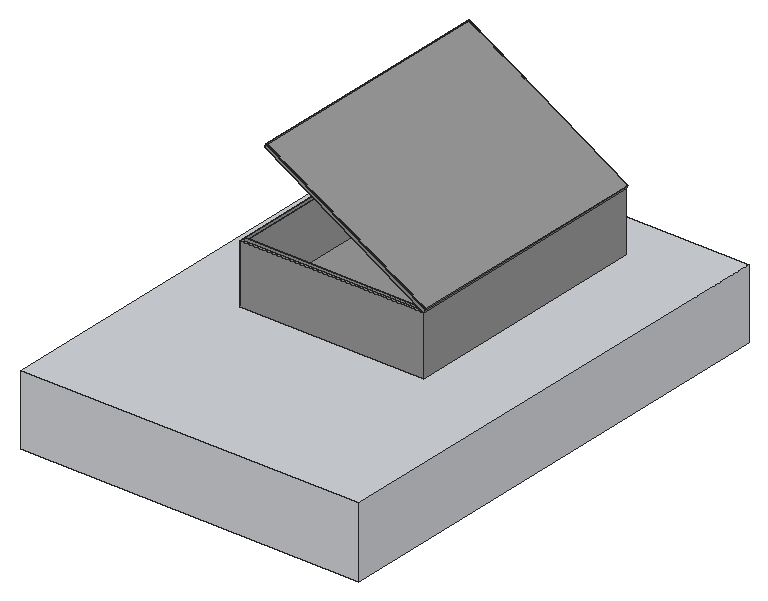
Revit family "Hager-Univers-IP55-D275-H1100-Cl.I-Steel_encl-CH-de", category Equipement électrique, Revit 2020
Family settings
  Hôte = Face
  Configuration du panneau = Deux colonnes, circuits au sein
  Cote de connecteur circulaire = Utiliser le diamètre
  Type d'élément = Tableau de raccordement
  Couper avec des vides une fois chargée = Non
  Partagée = Non
  Point de calcul de pièce = Non
Parameters (values of type "Aufputz IP55 B800 H1100 T275  - FR73E")
  Width Control [instance] = if([EF000008 - Breite] > Min Width, [EF000008 - Breite], Min Width)  # 800 mm
  Commentaires du type = [HG000003 - Bereich]  # "Univers"
  Thickness Door [instance] = if([EF009171 - Materialstärke Tür/Deckel] > 3 mm, 3 mm, [EF009171 - Materialstärke Tür/Deckel])  # 1.5 mm
  Seal Frame Offset [instance] = 17 mm  # constant formula
  Plinth Visibility [instance] = [HG000027 - Sockelhöhe] > 0 mm  # no
  Model = ""
  Min Width [instance] = 100 mm  # constant formula
  Min Height [instance] = 100 mm  # constant formula
  Min Depth [instance] = (2 * [EF009170 - Materialstärke Gehäuse]) + 1 mm  # 4 mm
  Internal Frame Depth [instance] = (Door System Depth * 0.5)  # 9 mm
  Height Control [instance] = if([EF000040 - Höhe] > Min Height, [EF000040 - Höhe], Min Height)  # 1100 mm
  HG000027 - Sockelhöhe = 0 mm
  HG000026 - Stehend auf dem Boden = no
  HG000024 - Höhe des unteren Teils = 800 mm
  HG000023 - Gehäuse mit doppeltem Querschnitt = no
  HG000016 - 3D-Türsichtbarkeit [instance] = yes
  HG000015 - Sichtbarkeit der Türöffnung [instance] = no
  HG000014 - Tür rechts [instance] = yes
  HG000013 - Tür links [instance] = not([HG000014 - Tür rechts])  # no
  HG000012 - Türschwenkwinkel [instance] = 30.00°
  HG000010 - Asymmetrische Türen = no
  HG000009 - Doppelflügeligen Tür = no
  HG000006 - Unterputz = no
  HG000004 - Herstellerreferenz = "FR73E"
  HG000003 - Bereich = "Univers"
  HG000002 - Mit tür = yes
  Frame Offset Bottom [instance] = 10 mm  # constant formula
  Frame Offset [instance] = 15 mm  # constant formula
  EF015940 - Deckel mit Überdruckentlastung = no
  EF011959 - Schutzart (NEMA) = ""
  EF009554 - Anzahl der Öffnungen für Flanschplatten = 6
  Fabricant = "Hager"  # constant formula
  EF009212 - Ausführung Deckel = "EV000116 - geschlossen"
  EF009171 - Materialstärke Tür/Deckel = 1.5 mm
  EF009170 - Materialstärke Gehäuse = 1.5 mm
  EF008873 - Nennstrom (In) = 800 A
  EF007800 - Geeignet für Blitzschutz = no
  EF006306 - Mit Schloss = no
  EF006244 - Transparenter Deckel/Tür = no
  EF005474 - Schutzart (IP) = "EV006420 - IP55"
  EF004464 - Art der Tür = "EV002646 - Einzel"
  EF004427 - Anzahl der Module = 252
  EF004293 - Schlagfestigkeit = "EV008784 - IK10"
  EF003532 - Geeignet für Außengebrauch = no
  EF002950 - Breite in Teilungseinheiten = 24
  EF001613 - Funktionserhalt = "EV000494 - ohne"
  EF001596 - Werkstoff des Gehäuses = "EV000179 - Stahl"
  EF001131 - Innentiefe = 275 mm
  EF001088 - Anbaumöglichkeit = yes
  EF000437 - Anzahl der Leitungseinführungen = 6
  EF000339 - Art der Abdeckung = "EV004216 - Tür"
  EF000266 - Anzahl der Reihen = 7
  EF000218 - Einbautiefe = 0 mm
  EF000118 - Mit Montageplatte = no
  EF000116 - RAL-Nummer = "7035"
  EF000049 - Tiefe = 275 mm
  EF000040 - Höhe = 1100 mm
  EF000008 - Breite = 800 mm
  EF000007 - Farbe = "EV000270 - grau"
  EF000003 - Montageart = "EV000384 - Aufputz"
  Door System Leaf Tolerance [instance] = 1.5 mm  # constant formula
  Door System Depth [instance] = 18 mm  # constant formula
  Door Height [instance] = Height Control - [HG000027 - Sockelhöhe]  # 1100 mm
  Depth Control [instance] = if([EF000049 - Tiefe] > Min Depth, [EF000049 - Tiefe], Min Depth)  # 275 mm
  Default Elevation = 0 mm
  Connector Offset [instance] = Height Control / 2  # 550 mm
  Bottom Top Plate Trim [instance] = 1.5 mm  # constant formula
  Plinth height Ctrl [instance] = if([HG000027 - Sockelhöhe] > 0 mm, [HG000027 - Sockelhöhe], 12 mm)  # 12 mm
Types (5, lengths in mm): name | Width Control | HG000010 - Asymmetrische Türen | HG000009 - Doppelflügeligen Tür | HG000004 - Herstellerreferenz | EF009554 - Anzahl der Öffnungen für Flanschplatten | EF004464 - Art der Tür | EF004427 - Anzahl der Module | EF000437 - Anzahl der Leitungseinführungen | EF000008 - Breite
  Aufputz IP55 B1050 H1100 T275  - FR74E | 1050 | no | yes | "FR74E" | 8 | "EV003602 - Doppel" | 336 | 8 | 1050
  Aufputz IP55 B1300 H1100 T275  - FR75E | 1300 | yes | yes | "FR75E" | 10 | "EV003602 - Doppel" | 420 | 10 | 1300
  Aufputz IP55 B300 H1100 T275  - FR71E | 300 | no | no | "FR71E" | 2 | "EV002646 - Einzel" | 84 | 2 | 300
  Aufputz IP55 B550 H1100 T275  - FR72E | 550 | no | no | "FR72E" | 4 | "EV002646 - Einzel" | 168 | 4 | 550
  Aufputz IP55 B800 H1100 T275  - FR73E | 800 | no | no | "FR73E" | 6 | "EV002646 - Einzel" | 252 | 6 | 800
Reference planes
  plane 1 "Center (Front/Back)": y = 0
  plane 2: z = 0
  plane 3 "Center (Left/Right)": x = 0
  plane 4: z = 275
  plane 5: y = 1.5
  plane 6: y = 550
  plane 7: y = 0
  plane 8: y = 1100
  plane 9: z = 0
  plane 10: x = -385
  plane 11: x = 385
  plane 12: x = 383.5
  plane 13: x = -383.5
  plane 14: y = 1098.5
  plane 15: x = -383
  plane 16: x = -400
  plane 17: x = 383
  plane 18: x = 400
  plane 19: x = 398.5
  plane 20: x = -398.5
  plane 21: y = 11.5
  plane 22: y = 1100
  plane 23: y = 1083.5
  plane 24: z = 257
  plane 25: z = 1.5
  plane 26: z = 255.5
  plane 27: z = 273.5
Forms (mm)
  Extrusion 1, solid
    sketch origin (0, 0, 0) x (1, 0, 0) y (0, 1, 0)
      loop
        line (-702.964, 1305) -> (-702.964, -811.445) -> (766.763, -811.445) -> (766.763, 1305) -> (-702.964, 1305)
    from 0 to -304.8
  Extrusion 2, solid, material "Hager_Steel_RAL7035_Light_Grey", visible <- "Plinth Visibility", detail levels medium+fine
    sketch origin (0, 0, 0) x (1, 0, 0) y (0, 1, 0)
      loop
        line (-400, 0) -> (400, 0) -> (400, 12) -> (-400, 12) -> (-400, 0)
    from 0 to 257
  Extrusion 3, solid, material "Hager_Steel_RAL7035_Light_Grey", detail levels medium+fine
    sketch origin (0, 0, 0) x (1, 0, 0) y (0, 1, 0)
      loop
        line (-400, 0) -> (400, 0) -> (400, 1100) -> (-400, 1100) -> (-400, 0)
    from 0 to 257
  Extrusion 4, void
    sketch origin (0, 0, 0) x (1, 0, 0) y (0, 1, 0)
      loop
        line (-398.5, 1.5) -> (398.5, 1.5) -> (398.5, 1098.5) -> (-398.5, 1098.5) -> (-398.5, 1.5)
    from 1.5 to 255.5
  Extrusion 5, void
    sketch origin (-381.607, -4572, 257) x (0, -1, 0) y (-1, 0, 0)
      loop
        line (-4583.5, 1.893) -> (-5655.5, 1.893) -> (-5655.5, -765.107) -> (-4583.5, -765.107) -> (-4583.5, 1.893)
    from 0 to 1.5 <- "EF009170 - Materialstärke Gehäuse"
  Extrusion 6, solid, material "Hager_Steel_RAL7035_Light_Grey", detail levels fine
    sketch origin (0, 0, 257) x (1, 0, 0) y (0, 1, 0)
      loop
        line (-383.5, 1083.5) -> (-383.5, 11.5) -> (383.5, 11.5) -> (383.5, 1083.5) -> (-383.5, 1083.5)
      loop
        line (-385, 10) -> (385, 10) -> (385, 1085) -> (-385, 1085) -> (-385, 10)
    from 0 to 9 <- "Internal Frame Depth"
  Extrusion 7, solid, material "Hager_Steel_RAL7035_Light_Grey", detail levels coarse
    sketch origin (0, 0, 0) x (1, 0, 0) y (0, 1, 0)
      loop
        line (-400, 0) -> (400, 0) -> (400, 1100) -> (-400, 1100) -> (-400, 0)
    from 0 to 275
  Sweep 8, void
    path in 3D
      loop
        line (-400, 12, 0) -> (400, 12, 0) -> (400, 12, 257) -> (-400, 12, 257) -> (-400, 12, 0)
    profile origin (-400, 12, 128.5) x (-1, 0, 0) y (0, -1, 0)
      loop
        line (0, 0) -> (0, 1.5) -> (-1.5, 1.5)
        arc (-1.5, 1.5) -> (-1.061, 0.439) -> (0, 0) r 1.5
Cuts and joins
  Extrusion 4, Extrusion 5 cuts Extrusion 3
  Sweep 8 cuts Extrusion 2
Lines and regions (mm)
  Masking region 1
    outline origin (0, 0, 0) x (1, 0, 0) y (0, 0, 1)
      loop
        line (-400, 275) -> (-400, 0) -> (400, 0) -> (400, 275) -> (-400, 275)
  Masking region 2, detail levels medium+fine
    outline origin (0, 140, 0) x (0, 1, 0) y (0, 0, 1)
      loop
        line (-140, 0) -> (960, 0) -> (960, 257) -> (-140, 257) -> (-140, 0)
  Masking region 3, not visible, detail levels medium+fine
    outline origin (0, 297.922, 0) x (0, 1, 0) y (0, 0, 1)
      loop
        line (263.578, 0) -> (303.578, 0) -> (303.578, 263.5)
        arc (303.578, 263.5) -> (300.649, 270.571) -> (293.578, 273.5) r 10
        line (293.578, 273.5) -> (263.578, 273.5) -> (263.578, 0)
  Masking region 4, detail levels coarse
    outline origin (0, 0, 180) x (0, 1, 0) y (0, 0, 1)
      loop
        line (0, -180) -> (1100, -180) -> (1100, 95) -> (0, 95) -> (0, -180)
  Masking region 5, visible <- "Plinth Visibility", detail levels medium+fine
    outline origin (0, 52.24, 12.345) x (0, 0, -1) y (0, 1, 0)
      loop
        line (10.845, -40.24) -> (-243.155, -40.24)
        arc (-243.155, -40.24) -> (-243.594, -41.301) -> (-244.655, -41.74) r 1.5
        line (-244.655, -41.74) -> (-244.655, -52.24) -> (12.345, -52.24) -> (12.345, -41.74)
        arc (12.345, -41.74) -> (11.285, -41.301) -> (10.845, -40.24) r 1.5
  Masking region 6, detail levels medium+fine
    outline origin (-381.607, -4572, 257) x (-1, 0, 0) y (0, -1, 0)
      loop
        line (18.393, -5672) -> (18.393, -4572) -> (-781.607, -4572) -> (-781.607, -5672) -> (18.393, -5672)
  Masking region 7, visible <- "Plinth Visibility", detail levels medium+fine
    outline origin (-381.607, -4727, 257) x (-1, 0, 0) y (0, -1, 0)
      loop
        arc (16.893, -4739) -> (17.332, -4737.939) -> (18.393, -4737.5) r 1.5
        line (18.393, -4737.5) -> (18.393, -4727) -> (-781.607, -4727) -> (-781.607, -4737.5)
        arc (-781.607, -4737.5) -> (-780.546, -4737.939) -> (-780.107, -4739) r 1.5
        line (-780.107, -4739) -> (16.893, -4739)
  Masking region 8, detail levels coarse
    outline origin (-442.548, -4669.526, 257) x (-1, 0, 0) y (0, -1, 0)
      loop
        line (-42.548, -5769.526) -> (-42.548, -4669.526) -> (-842.548, -4669.526) -> (-842.548, -5769.526) -> (-42.548, -5769.526)
  sketch lines
    curve 1: line (-400, 12, 257) -> (-400, 12, 0)
    curve 2: line (400, 12, 257) -> (-400, 12, 257)
    curve 3: line (400, 12, 257) -> (400, 12, 0)
    curve 4: line (-400, 12, 0) -> (400, 12, 0)
Dimensions and locks
  "Depth Control": plane 4 to Extrusion 1
  "HG000027 - Sockelhöhe": plane 1 "Center (Front/Back)" to plane 7
  "EF009170 - Materialstärke Gehäuse": plane 5 to plane 7
  locked: connector elem to plane 3 "Center (Left/Right)"
  equal spacing: plane 8, plane 6, plane 7
  locked: connector elem to plane 6
  "EF009170 - Materialstärke Gehäuse": plane 8 to plane 14
  "EF009170 - Materialstärke Gehäuse": plane 10 to plane 13
  "EF009170 - Materialstärke Gehäuse": plane 12 to plane 11
  "Frame Offset": plane 20 to plane 13
  "Frame Offset": plane 12 to plane 19
  "EF009170 - Materialstärke Gehäuse": plane 16 to plane 20
  "EF009170 - Materialstärke Gehäuse": plane 19 to plane 18
  "Seal Frame Offset": plane 16 to plane 15
  "Seal Frame Offset": plane 17 to plane 18
  "Frame Offset Bottom": plane 21 to plane 5
  "Frame Offset": plane 14 to plane 23
  equal spacing: plane 16, plane 3 "Center (Left/Right)", plane 18
  "Width Control": plane 16 to plane 18
  "EF009170 - Materialstärke Gehäuse": plane 4 to plane 27
  "EF009170 - Materialstärke Gehäuse": plane 24 to plane 26
  "EF009170 - Materialstärke Gehäuse": plane 25 to level
  "Door System Depth": plane 4 to plane 24
  "Height Control": plane 1 "Center (Front/Back)" to Extrusion 7 sketch curve
  "Height Control": Masking region 4 sketch curve to plane 1 "Center (Front/Back)"
  "Height Control": plane 1 "Center (Front/Back)" to plane 22
  "Bottom Top Plate Trim": profile plane to Sweep 8 sketch curve
  "Bottom Top Plate Trim": Sweep 8 sketch curve to profile plane
  "Plinth height Ctrl": plane 1 "Center (Front/Back)" to Extrusion 2 sketch curve
  "Plinth height Ctrl": Masking region 5 sketch curve to plane 1 "Center (Front/Back)"
  "Plinth height Ctrl": plane 1 "Center (Front/Back)" to Masking region 7 sketch curve
  "Thickness Door": Extrusion 6 sketch curve to Extrusion 6 sketch curve  (x3)
  "Thickness Door": cut or joined group of Extrusion 3, Extrusion 4, Extrusion 5 to Extrusion 6 sketch curve
  radius of Masking region 3 sketch curve = 10 mm
  "Bottom Top Plate Trim": radius of Masking region 5 sketch curve  (x2)
  "Bottom Top Plate Trim": radius of Sweep 8 sketch curve
  "Bottom Top Plate Trim": radius of Masking region 7 sketch curve  (x2)
  aligned and locked: plane 2 to Extrusion 1
  aligned and locked: level to Extrusion 1
  aligned and locked: level to Masking region 1 sketch curve
  aligned and locked: Masking region 1 sketch curve to plane 18
  aligned and locked: Masking region 1 sketch curve to plane 16
  aligned and locked: plane 7 to Masking region 2 sketch curve
  aligned and locked: level to Masking region 3 sketch curve
  aligned and locked: Masking region 3 sketch curve to plane 27
  aligned and locked: level to Masking region 2 sketch curve
  aligned and locked: plane 1 "Center (Front/Back)" to Extrusion 2 sketch curve
  aligned and locked: Extrusion 3 sketch curve to plane 7
  aligned and locked: plane 16 to Extrusion 3 sketch curve
  aligned and locked: plane 18 to Extrusion 3 sketch curve
  aligned and locked: plane 20 to Extrusion 4 sketch curve
  aligned and locked: plane 19 to Extrusion 4 sketch curve
  aligned and locked: Extrusion 4 sketch curve to plane 5
  aligned and locked: Extrusion 4 to plane 25
  aligned and locked: plane 26 to Extrusion 4
  aligned and locked: plane 24 to Extrusion 3
  aligned and locked: Extrusion 5 sketch curve to plane 21
  aligned and locked: Extrusion 5 sketch curve to plane 13
  aligned and locked: Extrusion 5 sketch curve to plane 12
  aligned and locked: plane 18 to Extrusion 7 sketch curve
  aligned and locked: plane 1 "Center (Front/Back)" to Extrusion 7 sketch curve
  aligned and locked: plane 16 to Extrusion 7 sketch curve
  aligned and locked: plane 4 to Extrusion 7
  aligned and locked: Extrusion 7 to level
  aligned and locked: level to Masking region 4 sketch curve
  aligned and locked: Masking region 4 sketch curve to plane 1 "Center (Front/Back)"
  aligned and locked: Masking region 4 sketch curve to plane 4
  aligned and locked: nested 1 to level
  aligned and locked: nested 1 to plane 16
  aligned and locked: plane 8 to Extrusion 3 sketch curve
  aligned and locked: plane 23 to Extrusion 5 sketch curve
  aligned and locked: plane 14 to Extrusion 4 sketch curve
  aligned and locked: Masking region 2 sketch curve to plane 8
  aligned and locked: level to Masking region 5 sketch curve
  aligned and locked: plane 16 to Extrusion 2 sketch curve
  aligned and locked: plane 18 to Extrusion 2 sketch curve
  aligned and locked: Masking region 5 sketch curve to plane 24
  aligned and locked: Masking region 2 sketch curve to plane 24
  aligned and locked: plane 24 to Extrusion 2
  aligned and locked: profile plane to Sweep 8 sketch curve  (x2)
  aligned and locked: Masking region 6 sketch curve to plane 18
  aligned and locked: Masking region 6 sketch curve to plane 22
  aligned and locked: Masking region 6 sketch curve to plane 16
  aligned and locked: plane 8 to plane 22
  aligned and locked: Masking region 6 sketch curve to plane 7
  aligned and locked: Masking region 7 sketch curve to plane 16
  aligned and locked: Masking region 7 sketch curve to plane 1 "Center (Front/Back)"
  aligned and locked: Masking region 7 sketch curve to plane 18
  aligned and locked: Masking region 8 sketch curve to plane 1 "Center (Front/Back)"
  aligned and locked: Masking region 8 sketch curve to plane 18
  aligned and locked: Masking region 8 sketch curve to plane 22
  aligned and locked: Masking region 8 sketch curve to plane 16
  aligned and locked: nested 2 to plane 7
  aligned and locked: plane 3 "Center (Left/Right)" to nested 2
  aligned and locked: nested 2 to plane 24
  aligned and locked: Extrusion 6 sketch curve to cut or joined group of Extrusion 3, Extrusion 4, Extrusion 5  (x4)
Automatic sketch dimensions
  Extrusion 1 sketch curve to Extrusion 1 sketch curve = 1469.727 mm
  Extrusion 1 sketch curve to Extrusion 1 sketch curve = 2116.445 mm
  Masking region 1 sketch curve to plane 4 = 0 mm
  plane 6 to Masking region 3 sketch curve = 11.5 mm
  Masking region 3 sketch curve to Masking region 3 sketch curve = 30 mm
  Masking region 5 sketch curve to plane 1 "Center (Front/Back)" = 0 mm
Nested families
  nested 1: "Hager_Enclosure_Symbol" at (-400, 0, 0) x (1, 0, 0) z (0, -1, 0), Height <- "Depth Control", Width <- "Width Control", type "Hager_Enclosure_Symbol"
    with Width_Ctrl 800 mm, Width 800 mm, Height_Ctrl 275 mm, Height 275 mm, A_Width_Int 18.047 mm, A_Width 216.562 mm, A_Height_Ctrl 240.625 mm, A_Height 240.625 mm
  nested 2: "EC000058_Univers_Door" at (0, 0, 257) x (1, 0, 0) z (0, 1, 0), Leaf_Tolerance <- "Door System Leaf Tolerance", Angle <- "HG000012 - Türschwenkwinkel", Door_Depth <- "Door System Depth", Door_Left <- "HG000013 - Tür links", Transparent <- "EF006244 - Transparenter Deckel/Tür", Assymetrical <- "HG000010 - Asymmetrische Türen", Width <- "Width Control", Clearance <- "HG000015 - Sichtbarkeit der Türöffnung", Double <- "HG000009 - Doppelflügeligen Tür", 3d_Door <- "HG000016 - 3D-Türsichtbarkeit", Lock_Visibility <- "EF006306 - Mit Schloss", Width_Ctrl <- "Width Control", Door_Right <- "HG000014 - Tür rechts", Door <- "HG000002 - Mit tür", Height <- "Door Height", Thickness <- "Thickness Door", type "EC000058_Univers_Door", detail levels medium+fine
    with min_wh 4 mm, Width_Ctrl 800 mm, Width 800 mm, Transparent no, Thickness 1.5 mm, Seal_Material Hager_Rubber, Lock_Visibility no, Lock_Material Hager_Plastic_RAL9005_Jet_Black, Leaf_Width 800 mm, Leaf_Tolerance_External_Sides 0 mm, Leaf_Tolerance 1.5 mm, Leaf_Offset 0 mm, Leaf_Height 1097 mm, Leaf_2_Width 800 mm, Leaf_2_Offset 400 mm, Leaf_1_Width 800 mm, Leaf_1_Offset 400 mm, Height_Ctrl 1100 mm, Height 1100 mm, Glass_Material Hager_Glass, Double_Clearance_Ctrl no, Double no, Door_Right_Ctrl yes, Door_Right yes, Door_Material Hager_Steel_RAL7035_Light_Grey, Door_Left_Ctrl no, Door_Left no, Door_Depth 18 mm, Door yes, Clearance_Material Hager_Clearance, Clearance_Depth 800 mm, Clearance_Ctrl no, Clearance no, Assymetrical no, Angle 30.00°, 3d_Door yes
Connectors
  electrical at (0, 550, 0)
    settings: on plane 9, index 1, voltage 0 V, apparent load 0 VA, apparent load phase1 0 VA, apparent load phase2 0 VA, apparent load phase3 0 VA, power factor 1, load classification "Other", number of poles 1, system type 30, power factor state 1, is connector primary yes, connector utility no, sub classification motor no, connector description ""
Definition of nested family "EC000058_Univers_Door"
  Parameters (values of type "EC000058_Univers_Door")
    min_wh [instance] = (2 * Thickness) + 1 mm  # 11 mm
    Width_Ctrl [instance] = 400 mm
    Width [instance] = 500 mm
    Transparent [instance] = yes
    Thickness [instance] = 5 mm
    Seal_Material [instance] = none
    Lock_Visibility [instance] = yes
    Lock_Material [instance] = none
    Leaf_Width [instance] = if((Width_Ctrl - 2 * Leaf_Tolerance_External_Sides) > 0 mm, (Width_Ctrl - 2 * Leaf_Tolerance_External_Sides), min_wh)  # 400 mm
    Leaf_Tolerance_External_Sides [instance] = 0 mm  # constant formula
    Leaf_Tolerance [instance] = 1.5 mm
    Leaf_Offset [instance] = 0 mm  # constant formula
    Leaf_Height [instance] = if((Height_Ctrl - 2 * Leaf_Tolerance) > 0 mm, (Height_Ctrl - 2 * Leaf_Tolerance), min_wh)  # 497 mm
    Leaf_2_Width [instance] = if(and(and(Double, Assymetrical), Door_Left), (Leaf_Width / 3) - (Leaf_Tolerance / 2), if(and(and(Double, Assymetrical), Door_Right), (Leaf_Width / 3) * 2 - (Leaf_Tolerance / 2), if(and(Double, not(Assymetrical)), (Leaf_Width / 2) - Leaf_Tolerance, Leaf_Width)))  # 400 mm
    Leaf_2_Offset [instance] = if(and(Double, Assymetrical), Leaf_2_Width / 2, if(and(Double, not(Assymetrical)), Leaf_Width / 4, Leaf_Width / 2))  # 200 mm
    Leaf_1_Width [instance] = if(and(and(Double, Assymetrical), Door_Right), (Leaf_Width / 3) - (Leaf_Tolerance / 2), if(and(and(Double, Assymetrical), Door_Left), (Width / 3) * 2 - (Leaf_Tolerance / 2), if(and(Double, not(Assymetrical)), (Leaf_Width / 2) - Leaf_Tolerance, Leaf_Width)))  # 400 mm
    Leaf_1_Offset [instance] = if(and(Double, Assymetrical), Leaf_1_Width / 2, if(and(Double, not(Assymetrical)), Leaf_Width / 4, Leaf_Width / 2))  # 200 mm
    Height_Ctrl [instance] = if(Height > min_wh, Height, min_wh)  # 500 mm
    Height [instance] = 500 mm
    Glass_Material [instance] = none
    Double_Clearance_Ctrl [instance] = and(Double, Clearance)  # no
    Double [instance] = no
    Door_Right_Ctrl [instance] = and(or(Door_Right, Double), Door)  # yes
    Door_Right [instance] = yes
    Door_Material [instance] = none
    Door_Left_Ctrl [instance] = and(or(Door_Left, Double), Door)  # no
    Door_Left [instance] = no
    Door_Depth [instance] = 30 mm
    Door [instance] = yes
    Default Elevation = 1219.2 mm
    Clearance_Material [instance] = none
    Clearance_Depth [instance] = if(Leaf_1_Width > Leaf_2_Width, Leaf_1_Width, Leaf_2_Width)  # 400 mm
    Clearance_Ctrl [instance] = and(not(Double), Clearance)  # yes
    Clearance [instance] = yes
    Assymetrical [instance] = yes
    Angle [instance] = 30.00°
    3d_Door [instance] = yes
  Reference planes
    plane 1 "Center (Front/Back)": y = 0
    plane 2 "Bottom": z = 0
    plane 3 "Center (Left/Right)": x = 0
    plane 4: z = 500
    plane 5: x = -200
    plane 6: x = 200
    plane 7: z = 500
    plane 8: x = -200
    plane 9: z = 0
    plane 10: x = 200
    plane 11: y = 0
    plane 12: z = 1.5
    plane 13: x = -600
    plane 14: y = -400
    plane 15: x = 600
    plane 16: x = 0
    plane 17: x = 0
    plane 18: x = -200
    plane 19: x = 200
    plane 20: z = 498.5
  Forms (mm)
    Extrusion 1, solid, material <- "Clearance_Material", visible <- "Double_Clearance_Ctrl"
      sketch origin (1200, 0, 0) x (1, 0, 0) y (0, 0, -1)
        loop
          line (-1800, -498.5) -> (-600, -498.5) -> (-600, 0) -> (-1800, 0) -> (-1800, -498.5)
      from 0 to -400
  Dimensions and locks
    equal spacing: plane 5, plane 3 "Center (Left/Right)", plane 6
    "Width_Ctrl": plane 5 to plane 6
    "Leaf_Offset": plane 5 to plane 8
    "Leaf_Offset": plane 6 to plane 10
    "Leaf_Offset": plane 9 to level
    "Leaf_Offset": plane 4 to plane 7
    "Height_Ctrl": plane 4 to level
    "Leaf_Tolerance": plane 12 to plane 9
    locked: plane 11 to plane 1 "Center (Front/Back)"
    "Leaf_1_Offset": plane 18 to plane 16
    "Leaf_2_Offset": plane 17 to plane 19
    "Leaf_1_Width": plane 13 to plane 8
    "Leaf_2_Width": plane 10 to plane 15
    "Clearance_Depth": plane 14 to plane 1 "Center (Front/Back)"
    "Leaf_Tolerance_External_Sides": plane 8 to plane 18
    "Leaf_Tolerance_External_Sides": plane 19 to plane 10
    "Leaf_Tolerance": plane 7 to plane 20
    aligned and locked: level to plane 2 "Bottom"
    aligned and locked: nested 1 to plane 16
    aligned and locked: nested 2 to plane 17
    aligned and locked: Extrusion 1 to plane 13
    aligned and locked: plane 15 to Extrusion 1
    aligned and locked: Extrusion 1 to plane 14
    aligned and locked: plane 12 to nested 1
    aligned and locked: nested 2 to plane 12
    aligned and locked: Extrusion 1 to plane 11
    aligned and locked: plane 20 to Extrusion 1
    aligned and locked: nested 2 to plane 11
    aligned and locked: nested 1 to plane 11
  Automatic sketch dimensions
    Extrusion 1 sketch curve to level = 0 mm
    plane 5 to Extrusion 1 sketch curve = 400 mm
    plane 6 to Extrusion 1 sketch curve = 400 mm
    Extrusion 1 sketch curve to plane 4 = 1.5 mm
  Nested families
    nested 1: "EC000058_Univers_Door_Leaf" at (0, 0, 1.5), Width <- "Leaf_1_Width", visible <- "Door_Left_Ctrl", Leaf_Height <- "Leaf_Height", Angle <- "Angle", 3d_Door <- "3d_Door", Transparent <- "Transparent", Clearance Material <- "Clearance_Material", Clearance <- "Clearance_Ctrl", Door_Material <- "Door_Material", Glass_Material <- "Glass_Material", Door_Depth <- "Door_Depth", Lock_Material <- "Lock_Material", Seal_Material <- "Seal_Material", Lock_Visibility <- "Lock_Visibility", Thickness <- "Thickness", type "EC000058_Univers_Door_Leaf"
      with Width 400 mm, Transparent_Glass_Offset 30 mm, Transparent_Ctrl yes, Transparent yes, Thickness 5 mm, Standard no, Seal_Material none, Seal_D2 8 mm, Seal_D1 1 mm, Offset_Internal_Frame 10 mm, Lock_Width 20 mm, Lock_Visibility_3d yes, Lock_Visibility yes, Lock_Thickness_3 3 mm, Lock_Thickness_2 1 mm, Lock_Thickness_1 3 mm, Lock_Radius_Offset_2 16 mm, Lock_Radius_Offset_1 15 mm, Lock_Radius_2 5 mm, Lock_Radius 6 mm, Lock_Offset 5 mm, Lock_Material none, Lock_Height 80 mm, Lock_Cover_Top_Offset_2d 17 mm, Lock_Cover_Height -65 mm, Leaf_Height 497 mm, Internal_Seal_Thickness 8 mm, Internal_Seal_Depth_2 4.5 mm, Internal_Frame_Depth 25 mm, Glass_Thickness -1 mm, Glass_Offset -2 mm, Glass_Material none, Door_Material none, Door_Depth 30 mm, Clearance Material none, Clearance yes, Angle_Ctrl 30.00°, Angle 30.00°, 3d_Door yes
    nested 2: "EC000058_Univers_Door_Leaf" at (0, 0, 1.5) x (-1, 0, 0) z (0, 0, 1), Width <- "Leaf_2_Width", visible <- "Door_Right_Ctrl", Leaf_Height <- "Leaf_Height", Angle <- "Angle", 3d_Door <- "3d_Door", Transparent <- "Transparent", Clearance Material <- "Clearance_Material", Clearance <- "Clearance_Ctrl", Door_Material <- "Door_Material", Glass_Material <- "Glass_Material", Door_Depth <- "Door_Depth", Lock_Material <- "Lock_Material", Seal_Material <- "Seal_Material", Lock_Visibility <- "Lock_Visibility", Thickness <- "Thickness", type "EC000058_Univers_Door_Leaf"
      with Width 400 mm, Transparent_Glass_Offset 30 mm, Transparent_Ctrl yes, Transparent yes, Thickness 5 mm, Standard no, Seal_Material none, Seal_D2 8 mm, Seal_D1 1 mm, Offset_Internal_Frame 10 mm, Lock_Width 20 mm, Lock_Visibility_3d yes, Lock_Visibility yes, Lock_Thickness_3 3 mm, Lock_Thickness_2 1 mm, Lock_Thickness_1 3 mm, Lock_Radius_Offset_2 16 mm, Lock_Radius_Offset_1 15 mm, Lock_Radius_2 5 mm, Lock_Radius 6 mm, Lock_Offset 5 mm, Lock_Material none, Lock_Height 80 mm, Lock_Cover_Top_Offset_2d 17 mm, Lock_Cover_Height -65 mm, Leaf_Height 497 mm, Internal_Seal_Thickness 8 mm, Internal_Seal_Depth_2 4.5 mm, Internal_Frame_Depth 25 mm, Glass_Thickness -1 mm, Glass_Offset -2 mm, Glass_Material none, Door_Material none, Door_Depth 30 mm, Clearance Material none, Clearance yes, Angle_Ctrl 30.00°, Angle 30.00°, 3d_Door yes
  Definition of nested family "EC000058_Univers_Door_Leaf"
    Parameters (values of type "EC000058_Univers_Door_Leaf")
      Width [instance] = 2000 mm
      Transparent_Glass_Offset [instance] = 30 mm
      Transparent_Ctrl [instance] = and(Transparent, [3d_Door])  # yes
      Transparent [instance] = yes
      Thickness [instance] = 5 mm
      Standard [instance] = and(not(Transparent), [3d_Door])  # no
      Seal_Material [instance] = none
      Seal_D2 [instance] = 8 mm  # constant formula
      Seal_D1 [instance] = 1 mm  # constant formula
      Offset_Internal_Frame [instance] = 10 mm  # constant formula
      Lock_Width [instance] = 20 mm  # constant formula
      Lock_Visibility_3d [instance] = and(Lock_Visibility, [3d_Door])  # yes
      Lock_Visibility [instance] = yes
      Lock_Thickness_3 [instance] = 3 mm  # constant formula
      Lock_Thickness_2 [instance] = 1 mm  # constant formula
      Lock_Thickness_1 [instance] = 3 mm  # constant formula
      Lock_Radius_Offset_2 [instance] = Lock_Radius_Offset_1 + 1 mm  # 16 mm
      Lock_Radius_Offset_1 [instance] = 15 mm  # constant formula
      Lock_Radius_2 [instance] = Lock_Radius - 1 mm  # 5 mm
      Lock_Radius [instance] = 6 mm  # constant formula
      Lock_Offset [instance] = 5 mm  # constant formula
      Lock_Material [instance] = none
      Lock_Height [instance] = 80 mm  # constant formula
      Lock_Cover_Top_Offset_2d [instance] = Lock_Radius_Offset_2 + 1 mm  # 17 mm
      Lock_Cover_Height [instance] = -(Lock_Height - Lock_Radius_Offset_1)  # -65 mm
      Leaf_Height [instance] = 2720.336 mm
      Internal_Seal_Thickness [instance] = 8 mm  # constant formula
      Internal_Seal_Depth_2 [instance] = 4.5 mm  # constant formula
      Internal_Frame_Depth [instance] = if(Door_Depth - Thickness > 5 mm, Door_Depth - Thickness, 5 mm)  # 25 mm
      Glass_Thickness [instance] = if(Thickness > 15 mm, Glass_Offset + 10 mm, -1 mm)  # -1 mm
      Glass_Offset [instance] = if(Thickness > 15 mm, -(Thickness + 10 mm) / 2, -2 mm)  # -2 mm
      Glass_Material [instance] = none
      Door_Material [instance] = none
      Door_Depth [instance] = 30 mm
      Default Elevation = 0 mm
      Clearance Material [instance] = none
      Clearance [instance] = yes
      Angle_Ctrl [instance] = if(Angle > 180.00°, 180.00°, Angle)  # 90.00°
      Angle [instance] = 90.00°
      3d_Door [instance] = yes
    Reference planes
      plane 1 "Center (Front/Back)": y = 0
      plane 2: z = 0
      plane 3 "Center (Left/Right)": x = 0
      plane 4: y = 2000
      plane 5: x = -1000
      plane 6: x = 1000
      plane 7: x = -3000
      plane 8: z = 2720.336
      plane 9: z = 30
      plane 10: z = 2690.336
      plane 11: x = 970
      plane 12: x = -970
      plane 13: y = -3
      plane 14: z = 107.833
      plane 15: y = -5
      plane 16: y = -223.314
      plane 17: x = -1000
      plane 18: z = 1360.168
      plane 19: y = 30
    Forms (mm)
      Extrusion 1, solid, material <- "Clearance Material", visible <- "Clearance"
        sketch origin (0, 0, 0) x (1, 0, 0) y (0, 0, 1)
          loop
            line (-3000, 2720.336) -> (-3000, 0) -> (1000, 0) -> (1000, 2720.336) -> (-3000, 2720.336)
        from 0 to -2000
      Extrusion 2, solid, material <- "Door_Material", visible <- "Standard", detail levels medium+fine
        sketch origin (-1000, 0, 0) x (0, 1, 0) y (-1, 0, 0)
          loop
            line (0, 30) -> (0, 25) -> (2000, 25) -> (2000, 30) -> (0, 30)
        from 0 to 2720.336 <- "Leaf_Height"
      Extrusion 3, solid, material <- "Door_Material", visible <- "Transparent_Ctrl", detail levels medium+fine
        sketch origin (-1000, 0, 0) x (0, 1, 0) y (-1, 0, 0)
          loop
            line (0, 25) -> (2000, 25) -> (2000, 30) -> (0, 30) -> (0, 25)
        from 0 to 2720.336 <- "Leaf_Height"
      Extrusion 4, void
        sketch origin (-1025, 2000, 0) x (0, 1, 0) y (0, 0, -1)
          loop
            line (-30, -2690.336) -> (-30, -30) -> (-1970, -30) -> (-1970, -2690.336) -> (-30, -2690.336)
        from 0 to 5 <- "Thickness"
      Sweep 5, solid, material <- "Seal_Material", visible <- "Transparent_Ctrl", detail levels fine
        path in 3D
          loop
            line (-1025, 30, 30) -> (-1025, 30, 2690.336) -> (-1025, 1970, 2690.336) -> (-1025, 1970, 30) -> (-1025, 30, 30)
        profile origin (-1025, 1000, 30) x (1, 0, 0) y (0, 0, 1)
          loop
            line (0, 0) -> (0, -8) -> (1, -8) -> (1, 0) -> (0, 0)
      Extrusion 6, solid, material <- "Glass_Material", visible <- "Transparent_Ctrl", detail levels medium+fine
        sketch origin (-1030, 0, 0) x (0, 1, 0) y (0, 0, -1)
          loop
            line (1970, -2690.336) -> (1970, -30) -> (30, -30) -> (30, -2690.336) -> (1970, -2690.336)
        from -2 <- "Glass_Offset" to -1 <- "Glass_Thickness"
      Extrusion 7, solid, material <- "Door_Material", visible <- "3d_Door", detail levels medium+fine
        sketch origin (-1025, 2000, 0) x (0, -1, 0) y (0, 0, -1)
          loop
            line (0, -2720.336) -> (2000, -2720.336) -> (2000, 0) -> (0, 0) -> (0, -2720.336)
          loop
            line (1995, -5) -> (5, -5) -> (5, -2715.336) -> (1995, -2715.336) -> (1995, -5)
        from 0 to 25 <- "Internal_Frame_Depth"
      Sweep 8, solid, material <- "Seal_Material", visible <- "Transparent_Ctrl", detail levels fine
        path in 3D
          loop
            line (-1025, 0, 0) -> (-1025, 2000, 0) -> (-1025, 2000, 2720.336) -> (-1025, 0, 2720.336) -> (-1025, 0, 0)
        profile origin (-1025, 0, 1360.168) x (1, 0, 0) y (0, 1, 0)
          loop
            line (0, 10) -> (2.975, 10)
            arc (2.975, 10) -> (4.053, 10.447) -> (4.5, 11.525) r 1.525
            line (4.5, 11.525) -> (4.5, 16.527)
            arc (4.5, 16.527) -> (4.069, 17.569) -> (3.027, 18) r 1.473
            line (3.027, 18) -> (0, 18) -> (0, 10)
      Extrusion 9, solid, material <- "Lock_Material", visible <- "Lock_Visibility_3d", detail levels fine
        sketch origin (-1030, 0, 0) x (0, 1, 0) y (0, 0, -1)
          loop
            arc (1993.5, -1400.168) -> (1994.561, -1399.729) -> (1995, -1398.668) r 1.5
            line (1995, -1398.668) -> (1995, -1320.168) -> (1975, -1320.168) -> (1975, -1398.668)
            arc (1975, -1398.668) -> (1975.439, -1399.729) -> (1976.5, -1400.168) r 1.5
            line (1976.5, -1400.168) -> (1993.5, -1400.168)
        from 3 <- "Lock_Thickness_1" to 0
      Blend 10, solid, material <- "Lock_Material", visible <- "Lock_Visibility_3d", detail levels fine
        base sketch origin (-1033, 0, 0) x (0, 1, 0) y (0, 0, -1)
          loop
            line (1975, -1320.168) -> (1975, -1398.668)
            arc (1975, -1398.668) -> (1975.439, -1399.729) -> (1976.5, -1400.168) r 1.5
            line (1976.5, -1400.168) -> (1993.5, -1400.168)
            arc (1993.5, -1400.168) -> (1994.561, -1399.729) -> (1995, -1398.668) r 1.5
            line (1995, -1398.668) -> (1995, -1320.168) -> (1975, -1320.168)
        top sketch origin (-1033, 0, 0) x (0, 1, 0) y (0, 0, -1)
          loop
            line (1976, -1320.168) -> (1976, -1398.668)
            arc (1976, -1398.668) -> (1976.146, -1399.022) -> (1976.5, -1399.168) r 0.5
            line (1976.5, -1399.168) -> (1993.5, -1399.168)
            arc (1993.5, -1399.168) -> (1993.854, -1399.022) -> (1994, -1398.668) r 0.5
            line (1994, -1398.668) -> (1994, -1320.168) -> (1976, -1320.168)
        from 0 to 1 <- "Lock_Thickness_2"
      Blend 11, solid, material <- "Lock_Material", visible <- "Lock_Visibility_3d", detail levels fine
        base sketch origin (-1034, 0, 0) x (0, 1, 0) y (0, 0, -1)
          loop
            line (1978, -1320.168) -> (1978, -1384.168)
            arc (1978, -1384.168) -> (1985, -1391.168) -> (1992, -1384.168) r 7
            line (1992, -1384.168) -> (1992, -1320.168) -> (1978, -1320.168)
        top sketch origin (-1034, 0, 0) x (0, 1, 0) y (0, 0, -1)
          loop
            line (1991, -1320.168) -> (1979, -1320.168) -> (1979, -1383.168)
            arc (1979, -1383.168) -> (1985, -1389.168) -> (1991, -1383.168) r 6
            line (1991, -1383.168) -> (1991, -1320.168)
        from 0 to 3 <- "Lock_Thickness_3"
      Extrusion 12, solid, material <- "Lock_Material", visible <- "Lock_Visibility_3d", detail levels fine
        sketch origin (-1030, 1975, 1320.168) x (1, 0, 0) y (0, -1, 0)
          loop
            line (-7, -19) -> (-7, -1) -> (0, -1) -> (0, 0) -> (-8, 0) -> (-8, -20) -> (0, -20) -> (0, -19) -> (-7, -19)
        from 0 to -65 <- "Lock_Cover_Height"
      Extrusion 13, void
        sketch origin (-1038, 1995, 1320.168) x (-1, 0, 0) y (0, 0, -1)
          loop
            line (-5, -65) -> (0, -65) -> (-5, -60) -> (-5, -65)
        from 0 to 20 <- "Lock_Width"
      Extrusion 14, void
        sketch origin (-1038, 1975, 1320.168) x (0, -1, 0) y (0, 0, -1)
          loop
            circle (-10, -15.995) r 6
          loop
            circle (-10, -15.995) r 5
        from 0 to 2
      Extrusion 15, solid, material <- "Lock_Material", visible <- "Lock_Visibility_3d", detail levels medium
        sketch origin (-1030, 0, 0) x (0, 1, 0) y (0, 0, -1)
          loop
            arc (1993.5, -1400.168) -> (1994.561, -1399.729) -> (1995, -1398.668) r 1.5
            line (1995, -1398.668) -> (1995, -1320.168) -> (1975, -1320.168) -> (1975, -1398.668)
            arc (1975, -1398.668) -> (1975.439, -1399.729) -> (1976.5, -1400.168) r 1.5
            line (1976.5, -1400.168) -> (1993.5, -1400.168)
        from 8 to 0
    Cuts and joins
      Extrusion 4 cuts Extrusion 3
      Extrusion 13, Extrusion 14 cuts Extrusion 9
      Extrusion 14 cuts Blend 11
      Extrusion 13, Extrusion 14 cuts Extrusion 12
      joined: Extrusion 9, Blend 10, Blend 11, Extrusion 12
      Extrusion 14 cuts Extrusion 15
    Lines and regions (mm)
      Masking region 1, visible <- "Lock_Visibility", detail levels fine
        outline origin (0, 0, 0) x (0, 1, 0) y (0, 0, 1)
          loop
            line (30, 1320.168) -> (33, 1320.168) -> (33, 1400.168) -> (30, 1400.168) -> (30, 1320.168)
      Masking region 2, visible <- "Lock_Visibility", detail levels fine
        outline origin (0, 3.143, 0) x (0, 1, 0) y (0, 0, 1)
          loop
            line (29.857, 1354.168) -> (30.857, 1354.168) -> (30.857, 1366.168) -> (29.857, 1366.168) -> (29.857, 1354.168)
      Masking region 3, detail levels medium+fine
        outline origin (0, 0, 0) x (0, 1, 0) y (0, 0, 1)
          loop
            line (0, 0) -> (30, 0) -> (30, 2720.336) -> (0, 2720.336) -> (0, 0)
      Masking region 4, detail levels medium+fine
        outline origin (0, 0, 0) x (1, 0, 0) y (0, 0, 1)
          loop
            line (-1000, 2720.336) -> (-1000, 0) -> (1000, 0) -> (1000, 2720.336) -> (-1000, 2720.336)
      Masking region 5, visible <- "Lock_Visibility", detail levels fine
        outline origin (-47.116, 0, 0) x (1, 0, 0) y (0, 0, 1)
          loop
            arc (1024.616, 1399.168) -> (1023.556, 1398.729) -> (1023.116, 1397.668) r 1.5
            line (1023.116, 1397.668) -> (1023.116, 1320.168) -> (1041.116, 1320.168) -> (1041.116, 1397.668)
            arc (1041.116, 1397.668) -> (1040.677, 1398.729) -> (1039.616, 1399.168) r 1.5
            line (1039.616, 1399.168) -> (1024.616, 1399.168)
      Masking region 6, visible <- "Lock_Visibility", detail levels medium+fine
        outline origin (-25, 0, 0) x (1, 0, 0) y (0, 0, 1)
          loop
            arc (1001.5, 1400.168) -> (1000.439, 1399.729) -> (1000, 1398.668) r 1.5
            line (1000, 1398.668) -> (1000, 1320.168) -> (1020, 1320.168) -> (1020, 1398.668)
            arc (1020, 1398.668) -> (1019.561, 1399.729) -> (1018.5, 1400.168) r 1.5
            line (1018.5, 1400.168) -> (1001.5, 1400.168)
      Masking region 7, visible <- "Lock_Visibility", detail levels fine
        outline origin (-73.735, 0, 0) x (1, 0, 0) y (0, 0, 1)
          loop
            line (1051.735, 1382.168) -> (1065.735, 1382.168) -> (1065.735, 1384.168)
            arc (1065.735, 1384.168) -> (1058.735, 1391.168) -> (1051.735, 1384.168) r 7
            line (1051.735, 1384.168) -> (1051.735, 1382.168)
      Masking region 8, visible <- "Lock_Visibility", detail levels fine
        outline origin (-73.735, 0, 0) x (1, 0, 0) y (0, 0, 1)
          loop
            line (1052.735, 1382.168) -> (1064.735, 1382.168) -> (1064.735, 1383.168)
            arc (1064.735, 1383.168) -> (1058.735, 1389.168) -> (1052.735, 1383.168) r 6
            line (1052.735, 1383.168) -> (1052.735, 1382.168)
      Masking region 9, visible <- "Lock_Visibility", detail levels fine
        outline origin (-25, 0, 0) x (1, 0, 0) y (0, 0, 1)
          loop
            line (1020, 1320.168) -> (1020, 1382.168) -> (1000, 1382.168) -> (1000, 1320.168) -> (1020, 1320.168)
      Masking region 10, detail levels medium+fine
        outline origin (0, 0, 0) x (1, 0, 0) y (0, 0, 1)
          loop
            circle (985, 1335.144) r 6
      Masking region 11, detail levels fine
        outline origin (0, 0, 0) x (1, 0, 0) y (0, 0, 1)
          loop
            circle (985, 1335.144) r 5
      Masking region 12, visible <- "Lock_Visibility", detail levels fine
        outline origin (0, 12.767, 0) x (0, 1, 0) y (0, 0, 1)
          loop
            line (20.233, 1320.168) -> (21.233, 1320.168) -> (21.233, 1399.168) -> (20.233, 1400.168) -> (20.233, 1320.168)
      Masking region 13, visible <- "Lock_Visibility", detail levels fine
        outline origin (0, 13.767, -10) x (0, 1, 0) y (0, 0, 1)
          loop
            line (20.233, 1330.168) -> (23.233, 1330.168) -> (23.233, 1399.168) -> (20.233, 1402.168) -> (20.233, 1330.168)
      Masking region 14, visible <- "Lock_Visibility", detail levels fine
        outline origin (0, 12.767, -10) x (0, 1, 0) y (0, 0, 1)
          loop
            line (20.233, 1330.168) -> (25.233, 1330.168) -> (25.233, 1399.305) -> (20.233, 1394.305) -> (20.233, 1330.168)
      Masking region 15, visible <- "Lock_Visibility", detail levels medium
        outline origin (0, 0, 0) x (0, 1, 0) y (0, 0, 1)
          loop
            line (30, 1320.168) -> (38, 1320.168) -> (38, 1400.168) -> (30, 1400.168) -> (30, 1320.168)
      Masking region 16, visible <- "Lock_Visibility", detail levels fine
        outline origin (-1000, 0, 0) x (0, 1, 0) y (-1, 0, 0)
          loop
            line (1975, 30) -> (1995, 30) -> (1995, 38) -> (1975, 38) -> (1975, 30)
          loop
            line (1979, 37) -> (1976, 37) -> (1976, 34) -> (1978, 34) -> (1979, 37)
          loop
            line (1994, 37) -> (1991, 37) -> (1992, 34) -> (1994, 34) -> (1994, 37)
      Masking region 17, visible <- "Lock_Visibility", detail levels medium
        outline origin (-1000, 0, 0) x (0, 1, 0) y (-1, 0, 0)
          loop
            line (1975, 30) -> (1995, 30) -> (1995, 38) -> (1975, 38) -> (1975, 30)
      symbolic lines
        curve 1: line (1000, 0, 0) -> (-3000, 0, 0)
        curve 2: arc (1000, 0, 0) -> (-1000, 2000, 0) -> (-3000, 0, 0) r 2000
        curve 4: line (-1030, 0, 0) -> (-1030, 2000, 0)
      reference lines
        curve 3: line (-1000, 0, 0) -> (-1000, 2000, 0)
      symbolic lines, detail levels medium+fine
        curve 5: line (-1030, 2000, 0) -> (-1025, 2000, 0)
        curve 7: line (-1025, 0, 0) -> (-1030, 0, 0)
        curve 8: line (-1025, 0, 0) -> (-1000, 0, 0)
        curve 9: line (-1000, 0, 0) -> (-1000, 2000, 0)
        curve 10: line (-1000, 2000, 0) -> (-1025, 2000, 0)
      symbolic lines, detail levels fine
        curve 6: line (-1025, 2000, 0) -> (-1025, 0, 0)
      sketch lines
        curve 11: line (-1025, 0, 2720.336) -> (-1025, 0, 0)
        curve 12: line (-1025, 2000, 0) -> (-1025, 0, 0)
        curve 13: line (-1025, 2000, 2720.336) -> (-1025, 2000, 0)
        curve 14: line (-1025, 0, 2720.336) -> (-1025, 2000, 2720.336)
        curve 15: line (-1025, 1970, 30) -> (-1025, 30, 30)
        curve 16: line (-1025, 30, 30) -> (-1025, 30, 2690.336)
        curve 17: line (-1025, 1970, 2690.336) -> (-1025, 1970, 30)
        curve 18: line (-1025, 30, 2690.336) -> (-1025, 1970, 2690.336)
      symbolic lines, visible <- "Transparent", detail levels medium+fine
        curve 19: line (-970, 0, 2690.336) -> (970, 0, 2690.336)
        curve 20: line (-970, 0, 30) -> (-970, 0, 2690.336)
        curve 21: line (970, 0, 30) -> (-970, 0, 30)
        curve 22: line (970, 0, 2690.336) -> (970, 0, 30)
    Dimensions and locks
      "Width": plane 1 "Center (Front/Back)" to plane 4
      equal spacing: plane 5, plane 3 "Center (Left/Right)", plane 6
      "Width": plane 5 to plane 6
      "Width": plane 7 to plane 5
      "Leaf_Height": plane 8 to level
      "Width": curve 5 to curve 3
      "Width": curve 3 to curve 3
      plane 8 to plane 10 = 30 mm
      plane 9 to level = 30 mm
      plane 12 to plane 5 = 30 mm
      plane 6 to plane 11 = 30 mm
      Extrusion 1 to Extrusion 4 sketch curve = 30 mm
      "Transparent_Glass_Offset": curve 3 to Extrusion 4 sketch curve
      "Transparent_Glass_Offset": Extrusion 4 sketch curve to cut or joined group of Extrusion 3, Extrusion 4  (x2)
      cut or joined group of Extrusion 3, Extrusion 4 to Extrusion 6 sketch curve = 30 mm
      "Transparent_Glass_Offset": cut or joined group of Extrusion 3, Extrusion 4 to Extrusion 4 sketch curve
      "Thickness": curve 6 to curve 4
      "Thickness": Extrusion 7 sketch curve to Extrusion 7 sketch curve  (x4)
      "Door_Depth": curve 4 to curve 3
      "Offset_Internal_Frame": profile plane to Sweep 8 sketch curve
      "Internal_Seal_Thickness": Sweep 8 sketch curve to Sweep 8 sketch curve
      "Internal_Seal_Depth_2": profile plane to Sweep 8 sketch curve
      "Seal_D1": profile plane to Sweep 5 sketch curve
      "Seal_D2": profile plane to Sweep 5 sketch curve
      "Thickness": Extrusion 2 sketch curve to Extrusion 2 sketch curve
      equal spacing: Extrusion 9 sketch curve, plane 18, Extrusion 9 sketch curve  (x2)
      equal spacing: Masking region 1 sketch curve, plane 18, Masking region 1 sketch curve
      "Lock_Height": Masking region 1 sketch curve to Masking region 1 sketch curve
      "Lock_Radius": Masking region 2 sketch curve to plane 18 to Masking region 2 sketch curve
      Masking region 2 sketch curve to Masking region 1 = 1 mm
      "Door_Depth": plane 19 to plane 1 "Center (Front/Back)"
      "Lock_Thickness_1": Masking region 1 sketch curve to plane 19
      "Lock_Width": Extrusion 9 sketch curve to Extrusion 9 sketch curve
      "Lock_Height": Extrusion 9 sketch curve to Extrusion 9 sketch curve
      "Lock_Offset": cut or joined group of Extrusion 3, Extrusion 4 to Extrusion 9 sketch curve
      equal spacing: plane 8, plane 18, level
      "Lock_Radius_Offset_1": Blend 11 sketch curve to Blend 10
      locked: Blend 10 to Blend 11 sketch curve at 2  (x2)
      locked: var sketch to Blend 11 sketch curve at 1  (x2)
      "Lock_Radius_Offset_2": Blend 11 sketch curve to Blend 10
      locked: Extrusion 12 sketch curve to Extrusion 12 sketch curve at 1  (x3)
      Masking region 6 sketch curve to Masking region 6 sketch curve = 80 mm
      "Lock_Height": Masking region 6 sketch curve to Masking region 6 sketch curve
      "Lock_Width": Masking region 6 sketch curve to Masking region 6 sketch curve
      locked: Masking region 6 to Masking region 5 sketch curve at 1  (x3)
      locked: Masking region 5 to Masking region 7 sketch curve at 2  (x2)
      "Lock_Radius_Offset_1": Masking region 5 to Masking region 7 sketch curve
      "Lock_Radius_Offset_2": Masking region 5 to Masking region 8 sketch curve
      locked: Masking region 7 to Masking region 8 sketch curve at 1  (x2)
      "Lock_Cover_Top_Offset_2d": Masking region 5 to Masking region 9 sketch curve
      equal spacing: Masking region 9, Masking region 10 sketch curve, Masking region 9
      equal spacing: Masking region 9, Masking region 11 sketch curve, Masking region 9
      Extrusion 15 sketch curve to Extrusion 15 sketch curve = 80 mm
      "Lock_Width": Extrusion 15 sketch curve to Extrusion 15 sketch curve
      "Lock_Height": Extrusion 15 sketch curve to Extrusion 15 sketch curve
      equal spacing: Extrusion 15 sketch curve, plane 18, Extrusion 15 sketch curve
      "Lock_Thickness_3": Masking region 13 sketch curve to Masking region 13 sketch curve
      "Lock_Height": Masking region 12 sketch curve to Masking region 12 sketch curve
      locked: Masking region 13 sketch curve to Masking region 1 at 8
      locked: Masking region 14 sketch curve to Masking region 13 at 1
      locked: Masking region 14 sketch curve to Masking region 1 at 10.863
      "Lock_Height": Masking region 15 sketch curve to Masking region 15 sketch curve
      "Lock_Offset": Extrusion 15 sketch curve to cut or joined group of Extrusion 3, Extrusion 4
      "Lock_Offset": plane 6 to Masking region 6 sketch curve
      radius of Sweep 8 sketch curve = 1.525 mm
      radius of Sweep 8 sketch curve = 1.473 mm
      radius of Extrusion 9 sketch curve = 1.5 mm  (x2)
      "Lock_Radius": radius of Extrusion 14 sketch curve
      "Lock_Radius_2": radius of Extrusion 14 sketch curve
      "Lock_Radius": radius of Masking region 10 sketch curve
      "Lock_Radius_2": radius of Masking region 11 sketch curve
      radius of Extrusion 15 sketch curve = 1.5 mm  (x2)
      "Angle_Ctrl": angle plane 1 "Center (Front/Back)" to curve 3
      locked: Masking region 12 sketch curve to Masking region 12 sketch curve (angle 45.00°)
      locked: Masking region 13 sketch curve to Masking region 13 sketch curve (angle 45.00°)
      locked: Masking region 14 sketch curve to Masking region 14 sketch curve (angle 45.00°)
      aligned and locked: level to plane 2
      aligned and locked: Extrusion 1 to curve 1
      aligned and locked: plane 6 to Extrusion 1
      aligned and locked: Extrusion 1 to plane 1 "Center (Front/Back)"
      aligned and locked: plane 4 to Extrusion 1
      aligned and locked: plane 8 to Extrusion 1
      aligned and locked: curve 7 to Extrusion 2 sketch curve
      aligned and locked: curve 5 to Extrusion 2 sketch curve
      aligned and locked: curve 7 to Extrusion 3 sketch curve
      aligned and locked: Extrusion 3 sketch curve to curve 4
      aligned and locked: Extrusion 3 sketch curve to curve 6
      aligned and locked: Extrusion 3 sketch curve to curve 5
      aligned and locked: curve 9 to curve 3
      aligned and locked: Extrusion 7 sketch curve to cut or joined group of Extrusion 3, Extrusion 4  (x4)
      aligned and locked: plane 17 to curve 3
      aligned and locked: plane 1 "Center (Front/Back)" to curve 3
      aligned and locked: plane 17 to plane 5
      aligned and locked: Sweep 8 sketch curve to profile plane
      aligned and locked: Sweep 5 sketch curve to profile plane  (x2)
      aligned and locked: Masking region 1 to Masking region 2 sketch curve
      aligned and locked: plane 19 to Masking region 1 sketch curve
      aligned and locked: plane 1 "Center (Front/Back)" to Masking region 3 sketch curve
      aligned and locked: plane 19 to Masking region 3 sketch curve
      aligned and locked: level to Masking region 3 sketch curve
      aligned and locked: Masking region 3 sketch curve to plane 8
      aligned and locked: plane 17 to Masking region 4 sketch curve
      aligned and locked: level to Masking region 4 sketch curve
      aligned and locked: Masking region 4 sketch curve to plane 8
      aligned and locked: plane 12 to curve 20
      aligned and locked: plane 10 to curve 19
      aligned and locked: plane 11 to curve 22
      aligned and locked: curve 21 to plane 9
      aligned and locked: Extrusion 2 sketch curve to cut or joined group of Extrusion 3, Extrusion 4
      aligned and locked: Blend 10 sketch curve to Extrusion 9  (x4)
      aligned and locked: Extrusion 9 to Blend 10 sketch curve
      aligned and locked: Blend 10 to Blend 11 sketch curve
      aligned and locked: Extrusion 12 sketch curve to Blend 11
      aligned and locked: Extrusion 12 sketch curve to Extrusion 9  (x4)
      aligned and locked: Masking region 5 sketch curve to Masking region 6
      aligned and locked: Masking region 9 sketch curve to Masking region 6  (x3)
      aligned and locked: Masking region 12 sketch curve to Masking region 1
      aligned and locked: Masking region 13 sketch curve to Masking region 1
      aligned and locked: Masking region 12 to Masking region 14
      aligned and locked: Masking region 14 sketch curve to Masking region 1
      aligned and locked: Masking region 15 sketch curve to Masking region 14
      aligned and locked: Masking region 13 sketch curve to Masking region 12
      aligned and locked: Masking region 16 sketch curve to cut or joined group of Extrusion 14, Extrusion 15  (x4)
      aligned and locked: Masking region 16 sketch curve to cut or joined group of Extrusion 9, Blend 10, Blend 11, Extrusion 12, Extrusion 13, Extrusion 14  (x6)
      aligned and locked: cut or joined group of Extrusion 9, Blend 10, Blend 11, Extrusion 12, Extrusion 13, Extrusion 14 to Masking region 16 sketch curve
      aligned and locked: Masking region 17 sketch curve to cut or joined group of Extrusion 14, Extrusion 15  (x3)
      aligned and locked: Masking region 17 sketch curve to cut or joined group of Extrusion 9, Blend 10, Blend 11, Extrusion 12, Extrusion 13, Extrusion 14
      aligned and locked: Masking region 9 to Masking region 8 sketch curve
      aligned and locked: Masking region 9 to Masking region 7 sketch curve
    Automatic sketch dimensions
      plane 1 "Center (Front/Back)" to curve 2 = 0 mm
      curve 2 to plane 5 = 0 mm
      Extrusion 1 sketch curve to level = 0 mm
      Extrusion 1 sketch curve to plane 7 = 0 mm
      Extrusion 1 sketch curve to plane 6 = 0 mm
      Extrusion 1 sketch curve to plane 8 = 0 mm
      Extrusion 3 to Extrusion 6 sketch curve = 30 mm  (x4)
      Masking region 4 sketch curve to plane 6 = 0 mm
      Blend 10 sketch curve to Extrusion 9 = 1.5 mm
      Blend 10 sketch curve to Extrusion 9 = 1 mm
      Extrusion 13 sketch curve to Extrusion 12 = 0 mm  (x2)
      Extrusion 12 to Extrusion 13 sketch curve = 3 mm
      Extrusion 13 sketch curve to Extrusion 12 = 5 mm
      Extrusion 14 sketch curve to Extrusion 14 sketch curve = 0 mm  (x2)
      Extrusion 14 sketch curve to Extrusion 12 = 10 mm
      Extrusion 14 sketch curve to Extrusion 12 = 15.995 mm
      Masking region 5 sketch curve to Masking region 5 sketch curve = 1.5 mm  (x2)
      Masking region 10 sketch curve to plane 18 = 25.024 mm
      Masking region 11 sketch curve to plane 18 = 25.024 mm
      plane 19 to Masking region 14 sketch curve = 3 mm
      Masking region 16 sketch curve to Masking region 16 sketch curve = 3 mm
      curve 4 to curve 3 = 0 mm
      Blend 10 to Blend 11 sketch curve = 0 mm
      Masking region 6 sketch curve to Masking region 6 sketch curve = 1.5 mm  (x2)
      Masking region 6 sketch curve to plane 18 = 40 mm
      plane 19 to Masking region 12 sketch curve = 3 mm
      Masking region 12 sketch curve to Masking region 12 sketch curve = 1 mm
      Masking region 15 sketch curve to plane 19 = 0 mm
      Masking region 15 sketch curve to plane 18 = 40 mm
      radius of Blend 10 sketch curve to Extrusion 9 = 1 mm
Definition of nested family "Hager_Enclosure_Symbol"
  Parameters (values of type "Hager_Enclosure_Symbol")
    Width_Ctrl [instance] = if(Width > 1 mm, Width, 1 mm)  # 102.27 mm
    Width [instance] = 102.27 mm
    Height_Ctrl [instance] = if(Height > 1 mm, Height, 1 mm)  # 66.5 mm
    A_Width_Int [instance] = if(A_Width / 12 > 2 mm, A_Width / 12, 2 mm)  # 4.364 mm
    A_Width [instance] = if(A_Height_Ctrl * 0.9 > 2 mm, A_Height_Ctrl * 0.9, 2 mm)  # 52.369 mm
    A_Height_Ctrl [instance] = if(A_Height > 2 mm, A_Height, 2 mm)  # 58.188 mm
    Height [instance] = 66.5 mm
    A_Height [instance] = Height - (Height / 8)  # 58.188 mm
  Reference planes
    plane 1 "Centre (avant/arrière)": y = 0
    plane 2: z = 0
    plane 3 "Centre (gauche/droite)": x = 0
    plane 4: x = 52.369
    plane 5: y = 33.042
    plane 6: y = 41.77
    plane 7: y = 66.5
    plane 8: x = 26.184
    plane 9: y = 37.406
    plane 10: x = 102.27
    plane 11: y = 66.5
    plane 12: y = 8.313
  Lines and regions (mm)
    Filled region 1, type "Solid_Black", in view "Niveau de réf."
      outline origin (0, 0, 0) x (1, 0, 0) y (0, 1, 0)
        loop
          line (52.369, 66.5) -> (33.188, 54.536) -> (45.365, 45.006) -> (52.369, 66.5)
    Filled region 2, type "Solid_Black", in view "Niveau de réf."
      outline origin (0, 0, 0) x (1, 0, 0) y (0, 1, 0)
        loop
          line (0, 0) -> (102.27, 0) -> (102.27, 66.5) -> (0, 0)
    detail lines, in view "Niveau de réf."
      curve 1: line (0, 8.313, 0) -> (26.184, 41.77, 0)
      curve 2: line (26.184, 41.77, 0) -> (26.184, 33.042, 0)
      curve 3: line (26.184, 33.042, 0) -> (52.369, 66.5, 0)
  Dimensions and locks
    "A_Width": plane 3 "Centre (gauche/droite)" to plane 4
    equal spacing: plane 3 "Centre (gauche/droite)", plane 8, plane 4
    equal spacing: plane 6, plane 9, plane 5
    equal spacing: curve 3, Filled region 1 sketch curve, Filled region 1 sketch curve
    "Height_Ctrl": plane 1 "Centre (avant/arrière)" to plane 11
    "A_Height_Ctrl": plane 11 to plane 12
    equal spacing: plane 11, plane 9, plane 12
    "A_Width_Int": plane 6 to plane 9
    "Width_Ctrl": plane 3 "Centre (gauche/droite)" to plane 10
    angle Filled region 1 sketch curve to curve 3 = 20.00°
    angle curve 3 to Filled region 1 sketch curve = 20.00°
    locked: curve 3 to Filled region 1 sketch curve (angle 90.00°)
    aligned and locked: plane 10 to Filled region 2
    aligned and locked: plane 11 to Filled region 2 sketch curve
    aligned and locked: plane 10 to Filled region 2 sketch curve
    aligned and locked: plane 3 "Centre (gauche/droite)" to curve 1
    aligned and locked: plane 12 to curve 1
    aligned and locked: plane 7 to plane 11
  Automatic sketch dimensions
    Filled region 1 sketch curve to plane 4 = 0 mm
    Filled region 1 sketch curve to plane 7 = 0 mm
    plane 1 "Centre (avant/arrière)" to Filled region 2 sketch curve = 0 mm
    Filled region 2 sketch curve to plane 3 "Centre (gauche/droite)" = 0 mm
    curve 2 to plane 6 = 0 mm
    curve 2 to plane 8 = 0 mm
    curve 3 to plane 4 = 0 mm
    curve 2 to plane 5 = 0 mm
    curve 3 to plane 7 = 0 mm
